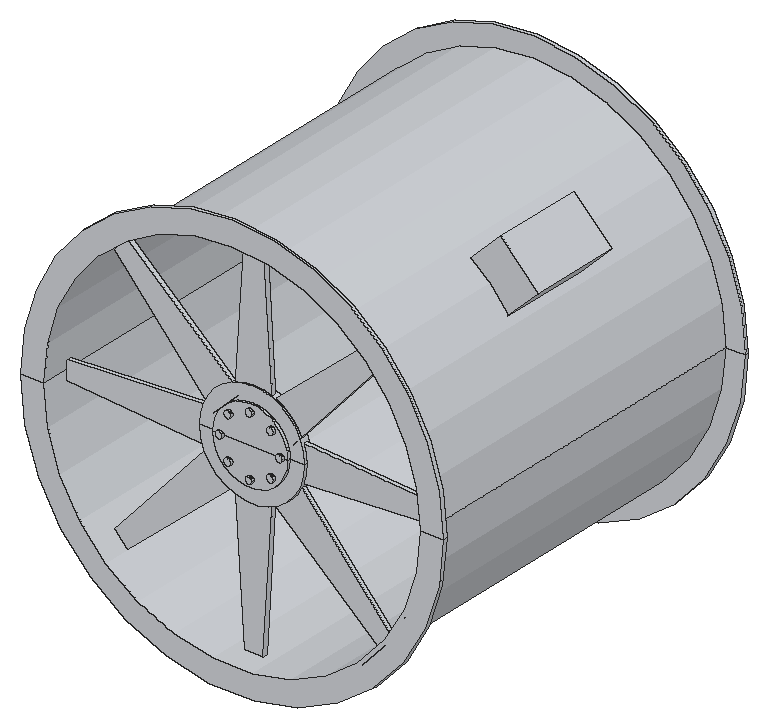
Revit family "CADS_Vent-Axia_MechEquip_Fan_LCA_560_1Ph4P - SUPPLY", category Mechanical Equipment, Revit 2020
Family settings
  Round Connector Dimension = Use Diameter
  Part Type = Normal
  OmniClass Number = 23.75.00.00
  OmniClass Title = Climate Control (HVAC)
  Work Plane-Based = No
  Always vertical = Yes
  Cut with Voids When Loaded = No
  Shared = No
  Room Calculation Point = No
Parameters (values of type "LCA561430")
  nr = NominalDiameter / 2  # 280 mm
  WorkingPressure = 0.0 Pa
  WarrantyStartDate [instance] = "1900-12-31T23:59:59"
  WarrantyPeriod = ""
  WarrantyIdentifier = "N/A"
  WarrantyGuarantorParts = "tech@vent-axia.com"
  WarrantyGuarantorLabor = "tech@vent-axia.com"
  WarrantyGuarantor = "Vent-Axia Limited"
  WarrantyEndDate [instance] = "1900-12-31T23:59:59"
  WarrantyContent = ""
  TemperatureRange = ""
  TagNumber [instance] = "N/A"
  SustainabilityPerformance = ""
  Status = "New"
  Size = ""
  Shape = ""
  ServiceLifeType = ""
  ServiceLifeDuration = ""
  SerialNumber [instance] = "N/A"
  ReplacementCost = ""
  RatedVoltage = 0 V
  RatedCurrent = 0 A
  Quantity = 1
  ProductionYear = ""
  PressureCurve = ""
  PowerFactor = ""
  PointOfContact = ""
  NumberOfPoles = 0
  NominalWidth = 560 mm
  NominalLength = 565 mm
  NominalHeight = 560 mm
  NominalFrequencyRange = ""
  NominalDiameter = 560 mm
  ModelReference = "LCAX 560mm 1PH 4P 30DEG"
  ModelNumber = "LCA561430"
  Material = ""
  ManufacturerE-Mail = "tech@vent-axia.com"
  ManufacturerAddress = "Fleming Way\nCrawley \nRH10 9YX"
  IsExtendedWarranty = no
  InsulationStandardClass = ""
  InstallationDate [instance] = "1900-12-31T23:59:59"
  IfcExportType [instance] = ""
  IfcExportAs = "IfcFanType"
  IP_Code = ""
  HasProtectiveEarth = no
  GrossWeight = 0.00 kg
  Grade = ""
  GlobalTradeItemNumber [instance] = "N/A"
  Fitting Type = "Ignore"
  Finish = ""
  Features = ""
  ExteriorInsulation = no
  ExpectedServiceLife = 0
  Exclusions = ""
  DurationUnit = "Year"
  Default Elevation = 0 mm
  Constituents = ""
  ConductorFunction = ""
  Color = ""
  CodePerformance = ""
  Category = ""
  CADS_Usage = 0
  CADS_Index = 0
  AssetType = "FIXED"
  AssetIdentifier [instance] = "N/A"
  AssemblyPlace = "UNKNOWN"
  ArticleNumber [instance] = "N/A"
  AirflowRateRange = 0.0 L/s
  Air Flow [instance] = 0.0 L/s
  AccessibilityPerformance = ""
Types (14, lengths in mm): name | ModelReference | ModelNumber
  LCA561410 | "LCAX 560mm 1PH 4P 10DEG" | "LCA561410"
  LCA561412 | "LCAX 560mm 1PH 4P 12DEG" | "LCA561412"
  LCA561414 | "LCAX 560mm 1PH 4P 14DEG" | "LCA561414"
  LCA561416 | "LCAX 560mm 1PH 4P 16DEG" | "LCA561416"
  LCA561418 | "LCAX 560mm 1PH 4P 18DEG" | "LCA561418"
  LCA561420 | "LCAX 560mm 1PH 4P 20DEG" | "LCA561420"
  LCA561422 | "LCAX 560mm 1PH 4P 22DEG" | "LCA561422"
  LCA561424 | "LCAX 560mm 1PH 4P 24DEG" | "LCA561424"
  LCA561426 | "LCAX 560mm 1PH 4P 26DEG" | "LCA561426"
  LCA561428 | "LCAX 560mm 1PH 4P 28DEG" | "LCA561428"
  LCA561430 | "LCAX 560mm 1PH 4P 30DEG" | "LCA561430"
  LCA561432 | "LCAX 560mm 1PH 4P 32DEG" | "LCA561432"
  LCA561434 | "LCAX 560mm 1PH 4P 34DEG" | "LCA561434"
  LCA561436 | "LCAX 560mm 1PH 4P 36DEG" | "LCA561436"
Reference planes
  plane 1 "Center (Front/Back)": y = 0
  plane 2: z = 0
  plane 3 "Center (Left/Right)": x = 0
  plane 4: x = -280
  plane 5: x = 280
  plane 6 "F": y = -282.5
  plane 7 "B": y = 282.5
  plane 8: x = -315
  plane 9: y = 277.5
  plane 10: y = -277.5
  plane 11: x = -285
  plane 12: y = -242.5
  plane 13 "top": z = 280
  plane 14: z = -280
  plane 15 "45deg": through (0, -1524, 0) normal (-0.7071, 0, -0.7071)
  plane 16 "C": through (0, -1524, 0) normal (-0.7071, 0, 0.7071)
Forms (mm)
  Revolve 1, solid
    sketch origin (0, 0, 0) x (1, 0, 0) y (0, 1, 0)
      loop
        line (-315, -282.5) -> (-280, -282.5) -> (-280, 282.5) -> (-315, 282.5) -> (-315, 277.5) -> (-285, 277.5) -> (-285, -277.5) -> (-315, -277.5) -> (-315, -282.5)
      axis (0, 282.5) -> (0, -282.5)
    angle from 0 to 360
  Sweep 2, solid
    path origin (0, 0, 0) x (1, 0, 0) y (0, 0, 1)
      loop
        line (197.99, 197.99) -> (243.952, 243.952)
    profile origin (220.971, 0, 220.971) x (-0.707107, 0, 0.707107) y (0, -1, 0)
      loop
        line (37.5, 55) -> (-42.73, 55) -> (-42.73, -79.5) -> (37.5, -79.5) -> (37.5, 55)
Dimensions and locks
  equal spacing: plane 4, plane 3 "Center (Left/Right)", plane 5
  equal spacing: plane 7 "B", plane 1 "Center (Front/Back)", plane 6 "F"
  "NominalLength": plane 7 "B" to plane 6 "F"
  "NominalDiameter": plane 4 to plane 5
  locked: plane 11 to plane 4 at 5
  locked: plane 8 to plane 11 at 30
  locked: plane 6 "F" to plane 10 at 5
  locked: plane 7 "B" to plane 9 at 5
  locked: plane 6 "F" to plane 12 at 40
  equal spacing: plane 13 "top", level, plane 14
  "NominalDiameter": plane 13 "top" to plane 14
  Sweep 2 sketch curve to Sweep 2 sketch curve = 65 mm
  "nr": Sweep 2 sketch curve to plane 15 "45deg"
  aligned and locked: level to plane 2
  aligned and locked: nested 1 to plane 12
Automatic sketch dimensions
  plane 6 "F" to Revolve 1 sketch curve = 0 mm
  Revolve 1 sketch curve to plane 8 = 0 mm  (x2)
  plane 10 to Revolve 1 sketch curve = 0 mm
  Revolve 1 sketch curve to plane 11 = 0 mm
  Revolve 1 sketch curve to plane 4 = 0 mm
  Revolve 1 sketch curve to plane 3 "Center (Left/Right)" = 0 mm
  plane 1 "Center (Front/Back)" to Revolve 1 sketch curve = 0 mm
  Revolve 1 sketch curve to plane 9 = 0 mm
  Revolve 1 sketch curve to plane 7 "B" = 0 mm
  plane 6 "F" to Revolve 1 sketch curve = 115 mm
  plane 1 "Center (Front/Back)" to Sweep 2 sketch curve = 55 mm
  Sweep 2 sketch curve to profile plane = 37.5 mm
  Sweep 2 sketch curve to Sweep 2 sketch curve = 80.23 mm
  Sweep 2 sketch curve to Sweep 2 sketch curve = 134.5 mm
  Sweep 2 sketch curve to plane 16 "C" = 0 mm  (x2)
Nested families
  nested 1: "Fan for ESC" at (0, -242.5, 0), ND <- "NominalDiameter", type "Fan for ESC"
    with hub 56 mm, ND 560 mm, BoltPCD 44.8 mm, Bolt Count 8, B_Diam 10 mm
  nested 2: "Bolts" at (44.8, -251.672, 0) x (0, 0, -1) z (0, 1, 0), type "Bolts"
    with bd 10 mm
  nested 3: "Bolts" at (31.678, -251.672, -31.678) x (-0.7071, 0, -0.7071) z (0, 1, 0), type "Bolts"
    with bd 10 mm
  nested 4: "Bolts" at (0, -251.672, -44.8) x (-1, 0, 0) z (0, 1, 0), type "Bolts"
    with bd 10 mm
  nested 5: "Bolts" at (-31.678, -251.672, -31.678) x (-0.7071, 0, 0.7071) z (0, 1, 0), type "Bolts"
    with bd 10 mm
  nested 6: "Bolts" at (-44.8, -251.672, 0) x (0, 0, 1) z (0, 1, 0), type "Bolts"
    with bd 10 mm
  nested 7: "Bolts" at (-31.678, -251.672, 31.678) x (0.7071, 0, 0.7071) z (0, 1, 0), type "Bolts"
    with bd 10 mm
  nested 8: "Bolts" at (31.678, -251.672, 31.678) x (0.7071, 0, -0.7071) z (0, 1, 0), type "Bolts"
    with bd 10 mm
  nested 9: "Bolts" at (0, -251.672, 44.8) x (1, 0, 0) z (0, 1, 0), type "Bolts"
    with bd 10 mm
  nested 10: "ESC Blade" at (0, -242.5, 0), type "ESC Blade"
    with a 20.00°, HR 56 mm, HD 112 mm, BT 28 mm, BR 224 mm, BH 40 mm, BD 560 mm, BB 56 mm
  nested 11: "ESC Blade" at (0, -242.5, 0) x (0.7071, 0, -0.7071) z (0.7071, 0, 0.7071), type "ESC Blade"
    with a 20.00°, HR 56 mm, HD 112 mm, BT 28 mm, BR 224 mm, BH 40 mm, BD 560 mm, BB 56 mm
  nested 12: "ESC Blade" at (0, -242.5, 0) x (0, 0, -1) z (1, 0, 0), type "ESC Blade"
    with a 20.00°, HR 56 mm, HD 112 mm, BT 28 mm, BR 224 mm, BH 40 mm, BD 560 mm, BB 56 mm
  nested 13: "ESC Blade" at (0, -242.5, 0) x (-0.7071, 0, -0.7071) z (0.7071, 0, -0.7071), type "ESC Blade"
    with a 20.00°, HR 56 mm, HD 112 mm, BT 28 mm, BR 224 mm, BH 40 mm, BD 560 mm, BB 56 mm
  nested 14: "ESC Blade" at (0, -242.5, 0) x (-1, 0, 0) z (0, 0, -1), type "ESC Blade"
    with a 20.00°, HR 56 mm, HD 112 mm, BT 28 mm, BR 224 mm, BH 40 mm, BD 560 mm, BB 56 mm
  nested 15: "ESC Blade" at (0, -242.5, 0) x (-0.7071, 0, -0.7071) z (-0.7071, 0, 0.7071), type "ESC Blade"
    with a 20.00°, HR 56 mm, HD 112 mm, BT 28 mm, BR 224 mm, BH 40 mm, BD 560 mm, BB 56 mm
  nested 16: "ESC Blade" at (0, -242.5, 0) x (0, 0, -1) z (-1, 0, 0), type "ESC Blade"
    with a 20.00°, HR 56 mm, HD 112 mm, BT 28 mm, BR 224 mm, BH 40 mm, BD 560 mm, BB 56 mm
  nested 17: "ESC Blade" at (0, -242.5, 0) x (0.7071, 0, -0.7071) z (-0.7071, 0, -0.7071), type "ESC Blade"
    with a 20.00°, HR 56 mm, HD 112 mm, BT 28 mm, BR 224 mm, BH 40 mm, BD 560 mm, BB 56 mm
Connectors
  hvac at (0, -282.5, 0), driven by "NominalDiameter", driven by "Air Flow"
    settings: on Revolve 1, index 1, duct flow 0.0 L/s, flow factor 0, pres drop 0.0 Pa, loss coef 0, conn angle 0.00°, conn width 304.8 mm, conn height 304.8 mm, conn diameter 560 mm, duct sys type 1, conn prof type 0, flow config 1, flow direction 1, loss method 0, conn ref index -1, conn util no, is conn primary yes, conn desc ""
  hvac at (0, 282.5, 0), driven by "NominalDiameter", driven by "Air Flow"
    settings: on Revolve 1, index 2, duct flow 0.0 L/s, flow factor 0, pres drop 0.0 Pa, loss coef 0, conn angle 0.00°, conn width 304.8 mm, conn height 304.8 mm, conn diameter 560 mm, duct sys type 1, conn prof type 0, flow config 0, flow direction 2, loss method 0, conn ref index -1, conn util no, is conn primary no, conn desc ""
Definition of nested family "Fan for ESC"
  Parameters (values of type "Fan for ESC")
    hub [instance] = ND / 10  # 56.7 mm
    ND [instance] = 567 mm
    Model = "."
    Default Elevation = 0 mm
    BoltPCD [instance] = hub - (hub * 0.2)  # 45.36 mm
    Bolt Count [instance] = if(hub < 50 mm, 6, 8)  # 8
    B_Diam [instance] = if(hub < 50 mm, 5 mm, 10 mm)  # 10 mm
  Reference planes
    plane 1 "Center (Front/Back)": y = 0
    plane 2: z = 0
    plane 3 "Center (Left/Right)": x = 0
    plane 4 "back": y = 20
    plane 5 "bolts": y = -9.172
    plane 6 "B": z = 56.7
    plane 7: x = -79.287
    plane 8: x = -56.7
    plane 9 "hubface": y = -6.172
  Forms (mm)
    Revolve 1, solid
      sketch origin (0, 0, 0) x (1, 0, 0) y (0, 1, 0)
        loop
          line (0, 20) -> (-56.7, 20) -> (-56.7, 10.504) -> (-79.287, 10.504) -> (-79.287, -2.597) -> (-56.7, -2.597) -> (-56.7, -6.172) -> (0, -6.172) -> (0, 20)
        axis (0, 20) -> (0, -6.172)
      angle from 0 to 360
    Extrusion 2, solid, not visible
      sketch origin (0, -6.347, -4) x (-1, 0, 0) y (0, 0, 1)
        loop
          circle (0, 84) r 5
      from 0 to 3
  Lines and regions (mm)
    symbolic lines
      curve 1: circle (0, -9.172, 0) r 45.36 normal (0, 1, 0)
    model lines, not visible
      curve 2: line (0, -6.347, 85) -> (0, -6.347, 75)
  Dimensions and locks
    "hub": plane 6 "B" to plane 2
    "hub": nested 3 to plane 3 "Center (Left/Right)"
    "hub": nested 4 to plane 3 "Center (Left/Right)"
    "hub": nested 5 to plane 3 "Center (Left/Right)"
    "hub": plane 3 "Center (Left/Right)" to nested 6
    "hub": Revolve 1 sketch curve to Revolve 1 sketch curve
    "hub": plane 3 "Center (Left/Right)" to nested 7
    "hub": plane 3 "Center (Left/Right)" to nested 8
    "hub": plane 3 "Center (Left/Right)" to nested 9
    "hub": plane 8 to plane 3 "Center (Left/Right)"
    plane 7 to plane 8 = 22.587 mm
    diameter of Extrusion 2 sketch curve = 10 mm
    "BoltPCD": radius of curve 1
    "BoltPCD": radius of radial array
    aligned and locked: level to plane 2
    aligned and locked: plane 6 "B" to nested 1
  Automatic sketch dimensions
    Revolve 1 sketch curve to plane 7 = 0 mm
    Revolve 1 sketch curve to plane 8 = 0 mm  (x2)
    Revolve 1 sketch curve to plane 3 "Center (Left/Right)" = 0 mm
    Revolve 1 sketch curve to plane 9 "hubface" = 0 mm
    plane 4 "back" to Revolve 1 sketch curve = 0 mm
    plane 1 "Center (Front/Back)" to Revolve 1 sketch curve = 2.597 mm
    plane 4 "back" to Revolve 1 sketch curve = 9.496 mm
    Revolve 1 sketch curve to Revolve 1 sketch curve = 5 mm
    Revolve 1 sketch curve to plane 4 "back" = 45 mm
    curve 1 to level = 0 mm
    curve 1 to plane 3 "Center (Left/Right)" = 0 mm
  Nested families
    nested 1: "ESC Blade" at (0, 0, 0), BD <- "ND", HD <- "hub", type "ESC Blade"
      with a 20.00°, HR 56.7 mm, HD 113.4 mm, BT 28.35 mm, BR 226.8 mm, BH 40 mm, BD 567 mm, BB 56.7 mm
    nested 2: "ESC Blade" at (0, 0, 755), BD <- "ND", HD <- "hub", type "ESC Blade", not visible
      with a 20.00°, HR 56.7 mm, HD 113.4 mm, BT 28.35 mm, BR 226.8 mm, BH 40 mm, BD 567 mm, BB 56.7 mm
    nested 3: "ESC Blade" at (0, 0, 0) x (0.7071, 0, -0.7071) z (0.7071, 0, 0.7071), BD <- "ND", HD <- "hub", type "ESC Blade"
      with a 20.00°, HR 56.7 mm, HD 113.4 mm, BT 28.35 mm, BR 226.8 mm, BH 40 mm, BD 567 mm, BB 56.7 mm
    nested 4: "ESC Blade" at (0, 0, 0) x (0, 0, -1) z (1, 0, 0), BD <- "ND", HD <- "hub", type "ESC Blade"
      with a 20.00°, HR 56.7 mm, HD 113.4 mm, BT 28.35 mm, BR 226.8 mm, BH 40 mm, BD 567 mm, BB 56.7 mm
    nested 5: "ESC Blade" at (0, 0, 0) x (-0.7071, 0, -0.7071) z (0.7071, 0, -0.7071), BD <- "ND", HD <- "hub", type "ESC Blade"
      with a 20.00°, HR 56.7 mm, HD 113.4 mm, BT 28.35 mm, BR 226.8 mm, BH 40 mm, BD 567 mm, BB 56.7 mm
    nested 6: "ESC Blade" at (0, 0, 0) x (-1, 0, 0) z (0, 0, -1), BD <- "ND", HD <- "hub", type "ESC Blade"
      with a 20.00°, HR 56.7 mm, HD 113.4 mm, BT 28.35 mm, BR 226.8 mm, BH 40 mm, BD 567 mm, BB 56.7 mm
    nested 7: "ESC Blade" at (0, 0, 0) x (-0.7071, 0, -0.7071) z (-0.7071, 0, 0.7071), BD <- "ND", HD <- "hub", type "ESC Blade"
      with a 20.00°, HR 56.7 mm, HD 113.4 mm, BT 28.35 mm, BR 226.8 mm, BH 40 mm, BD 567 mm, BB 56.7 mm
    nested 8: "ESC Blade" at (0, 0, 0) x (0, 0, -1) z (-1, 0, 0), BD <- "ND", HD <- "hub", type "ESC Blade"
      with a 20.00°, HR 56.7 mm, HD 113.4 mm, BT 28.35 mm, BR 226.8 mm, BH 40 mm, BD 567 mm, BB 56.7 mm
    nested 9: "ESC Blade" at (0, 0, 0) x (0.7071, 0, -0.7071) z (-0.7071, 0, -0.7071), BD <- "ND", HD <- "hub", type "ESC Blade"
      with a 20.00°, HR 56.7 mm, HD 113.4 mm, BT 28.35 mm, BR 226.8 mm, BH 40 mm, BD 567 mm, BB 56.7 mm
    nested 10: "Bolts" at (0, -9.172, 45.36) x (1, 0, 0) z (0, 1, 0), bd <- "B_Diam", type "Bolts"
      with bd 10 mm
    nested 11: "Bolts" at (32.074, -9.172, 32.074) x (0.7071, 0, -0.7071) z (0, 1, 0), bd <- "B_Diam", type "Bolts"
      with bd 10 mm
    nested 12: "Bolts" at (-32.074, -9.172, 32.074) x (0.7071, 0, 0.7071) z (0, 1, 0), bd <- "B_Diam", type "Bolts"
      with bd 10 mm
    nested 13: "Bolts" at (-45.36, -9.172, 0) x (0, 0, 1) z (0, 1, 0), bd <- "B_Diam", type "Bolts"
      with bd 10 mm
    nested 14: "Bolts" at (-32.074, -9.172, -32.074) x (-0.7071, 0, 0.7071) z (0, 1, 0), bd <- "B_Diam", type "Bolts"
      with bd 10 mm
    nested 15: "Bolts" at (0, -9.172, -45.36) x (-1, 0, 0) z (0, 1, 0), bd <- "B_Diam", type "Bolts"
      with bd 10 mm
    nested 16: "Bolts" at (32.074, -9.172, -32.074) x (-0.7071, 0, -0.7071) z (0, 1, 0), bd <- "B_Diam", type "Bolts"
      with bd 10 mm
    nested 17: "Bolts" at (45.36, -9.172, 0) x (0, 0, -1) z (0, 1, 0), bd <- "B_Diam", type "Bolts"
      with bd 10 mm
  Definition of nested family "ESC Blade"
    Parameters (values of type "ESC Blade")
      a [instance] = 20.00°
      HR [instance] = HD / 2  # 30 mm
      HD [instance] = BD / 5  # 60 mm
      Default Elevation = 1219.2 mm
      BT [instance] = BD / 20  # 15 mm
      BR [instance] = (BD / 2) - HR  # 120 mm
      BH [instance] = 40 mm
      BD [instance] = 300 mm
      BB [instance] = BD / 10  # 30 mm
    Reference planes
      plane 1 "Center (Front/Back)": y = 0
      plane 2: z = 0
      plane 3 "Center (Left/Right)": x = 0
      plane 4 "Blade Bot": z = 30
      plane 5: x = -15
      plane 6: x = 15
      plane 7: x = -7.5
      plane 8: x = 7.5
    Forms (mm)
      Blend 1, solid
        base sketch origin (0, 0, 30) x (-1, 0, 0) y (0, -1, 0)
          loop
            line (15, 0) -> (-15, 0) -> (-15, -6) -> (15, -6) -> (15, 0)
        top sketch origin (0, 0, 30) x (-1, 0, 0) y (0, -1, 0)
          loop
            line (7.5, -6) -> (7.5, 0) -> (-7.5, 0) -> (-7.5, -6) -> (7.5, -6)
        from 0 to 120 <- "BR"
    Dimensions and locks
      "HR": plane 4 "Blade Bot" to level
      equal spacing: plane 8, plane 3 "Center (Left/Right)", plane 7
      "BT": plane 8 to plane 7
      equal spacing: plane 6, plane 3 "Center (Left/Right)", plane 5
      "BB": plane 6 to plane 5
      aligned and locked: level to plane 2
    Automatic sketch dimensions
      plane 1 "Center (Front/Back)" to Blend 1 sketch curve = 0 mm  (x2)
      Blend 1 sketch curve to plane 6 = 0 mm
      Blend 1 sketch curve to plane 5 = 0 mm
      Blend 1 sketch curve to plane 1 "Center (Front/Back)" = 6 mm  (x2)
      Blend 1 sketch curve to plane 8 = 0 mm
      Blend 1 sketch curve to plane 7 = 0 mm
  Definition of nested family "Bolts"
    Parameters
      bd [instance] = 10 mm
      Default Elevation = 1219.2 mm
    Reference planes
      plane 1 "Center (Front/Back)": y = 0
      plane 2: z = 0
      plane 3 "Center (Left/Right)": x = 0
    Forms (mm)
      Extrusion 1, solid
        sketch origin (0, 0, 0) x (1, 0, 0) y (0, 1, 0)
          loop
            line (-1219.2, 1219.2) -> (-1219.2, -1219.2) -> (1219.2, -1219.2) -> (1219.2, 1219.2) -> (-1219.2, 1219.2)
        from 0 to -304.8
      Extrusion 2, solid
        sketch origin (0, 0, 0) x (1, 0, 0) y (0, 1, 0)
          loop
            circle (0, 0) r 5
        from 0 to 3
    Dimensions and locks
      "bd": diameter of Extrusion 2 sketch curve
      aligned and locked: plane 2 to Extrusion 1
      aligned and locked: level to Extrusion 1
    Automatic sketch dimensions
      Extrusion 1 sketch curve to Extrusion 1 sketch curve = 2438.4 mm  (x2)
      plane 1 "Center (Front/Back)" to Extrusion 2 sketch curve = 0 mm
      Extrusion 2 sketch curve to plane 3 "Center (Left/Right)" = 0 mm
Definition of nested family "Bolts"
  Parameters
    bd [instance] = 10 mm
    Default Elevation = 1219.2 mm
  Reference planes
    plane 1 "Center (Front/Back)": y = 0
    plane 2: z = 0
    plane 3 "Center (Left/Right)": x = 0
  Forms (mm)
    Extrusion 1, solid
      sketch origin (0, 0, 0) x (1, 0, 0) y (0, 1, 0)
        loop
          line (-1219.2, 1219.2) -> (-1219.2, -1219.2) -> (1219.2, -1219.2) -> (1219.2, 1219.2) -> (-1219.2, 1219.2)
      from 0 to -304.8
    Extrusion 2, solid
      sketch origin (0, 0, 0) x (1, 0, 0) y (0, 1, 0)
        loop
          circle (0, 0) r 5
      from 0 to 3
  Dimensions and locks
    "bd": diameter of Extrusion 2 sketch curve
    aligned and locked: plane 2 to Extrusion 1
    aligned and locked: level to Extrusion 1
  Automatic sketch dimensions
    Extrusion 1 sketch curve to Extrusion 1 sketch curve = 2438.4 mm  (x2)
    plane 1 "Center (Front/Back)" to Extrusion 2 sketch curve = 0 mm
    Extrusion 2 sketch curve to plane 3 "Center (Left/Right)" = 0 mm
Definition of nested family "ESC Blade"
  Parameters (values of type "ESC Blade")
    a [instance] = 20.00°
    HR [instance] = HD / 2  # 30 mm
    HD [instance] = BD / 5  # 60 mm
    Default Elevation = 1219.2 mm
    BT [instance] = BD / 20  # 15 mm
    BR [instance] = (BD / 2) - HR  # 120 mm
    BH [instance] = 40 mm
    BD [instance] = 300 mm
    BB [instance] = BD / 10  # 30 mm
  Reference planes
    plane 1 "Center (Front/Back)": y = 0
    plane 2: z = 0
    plane 3 "Center (Left/Right)": x = 0
    plane 4 "Blade Bot": z = 30
    plane 5: x = -15
    plane 6: x = 15
    plane 7: x = -7.5
    plane 8: x = 7.5
  Forms (mm)
    Blend 1, solid
      base sketch origin (0, 0, 30) x (-1, 0, 0) y (0, -1, 0)
        loop
          line (15, 0) -> (-15, 0) -> (-15, -6) -> (15, -6) -> (15, 0)
      top sketch origin (0, 0, 30) x (-1, 0, 0) y (0, -1, 0)
        loop
          line (7.5, -6) -> (7.5, 0) -> (-7.5, 0) -> (-7.5, -6) -> (7.5, -6)
      from 0 to 120 <- "BR"
  Dimensions and locks
    "HR": plane 4 "Blade Bot" to level
    equal spacing: plane 8, plane 3 "Center (Left/Right)", plane 7
    "BT": plane 8 to plane 7
    equal spacing: plane 6, plane 3 "Center (Left/Right)", plane 5
    "BB": plane 6 to plane 5
    aligned and locked: level to plane 2
  Automatic sketch dimensions
    plane 1 "Center (Front/Back)" to Blend 1 sketch curve = 0 mm  (x2)
    Blend 1 sketch curve to plane 6 = 0 mm
    Blend 1 sketch curve to plane 5 = 0 mm
    Blend 1 sketch curve to plane 1 "Center (Front/Back)" = 6 mm  (x2)
    Blend 1 sketch curve to plane 8 = 0 mm
    Blend 1 sketch curve to plane 7 = 0 mm
